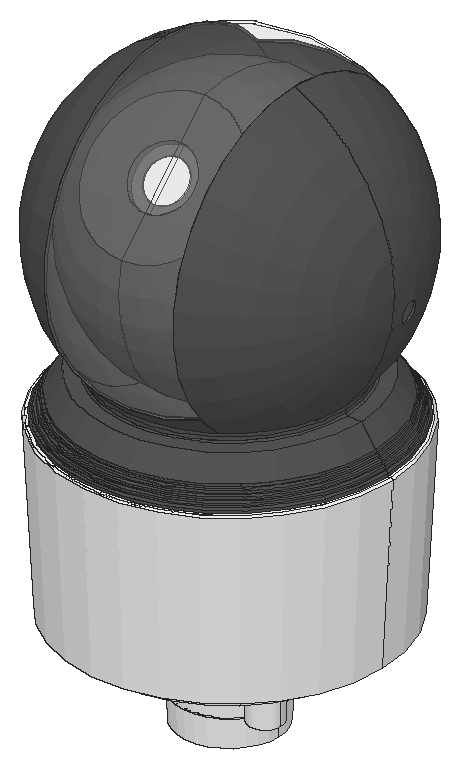
Revit family "Camera-Security-HanwhaTechwin-PTZ-Wisenet X-XNP-8250R_inch00", category Security Devices, host Face, Revit 2016
Family settings
  Host = Face
  Maintain Annotation Orientation = Yes
  Part Type = Normal
  Round Connector Dimension = Use Diameter
  OmniClass Number = 23.85.30.17.14
  OmniClass Title = Video Surveillance
  Cut with Voids When Loaded = No
  Shared = No
  Room Calculation Point = No
Parameters (values of type "Standard")
  zz Length 3 [instance] = if(1 = 1, View Distance + 1.531", View Distance + 1.531")  # 37.51525"
  zz Length 2 [instance] = tan(Field of View Horizontal Actual / 2) * View Distance  # 19.70897"
  zz Length 1 [instance] = tan(Field of View Vertical Actual / 2) * View Distance  # 10.84373"
  zz Angle 4 [instance] = if(1 = 1, Camera Shield Actual, Camera Shield Actual)  # 0.00°
  zz Angle 3 [instance] = Camera Tilt Actual  # 45.00°
  zz Angle 2 [instance] = 90.00° - Camera Shield Actual  # 90.00°
  zz Angle 1 [instance] = if(1 = 1, Camera Base Actual + 270.00°, Camera Base Actual + 270.00°)  # 270.00°
  Wide Dynamic Range [instance] = "Extreme WDR(120dB)"  # constant formula
  White Balance [instance] = "ATW / AWC / Manual / Indoor / Outdoor"  # constant formula
  Webpage Language [instance] = "English, Korean, Chinese, French, Italian, Spanish, German, Japanese, Russian, Swedish, Portuguese, Czech, Polish, Turkish, Dutch, Hungarian, Greek"  # constant formula
  Water Removal [instance] = "Support(Spinning dry)"  # constant formula
  WarrantyStartDate [instance] = "1900-12-31T23:59:59"
  WarrantyGuarantorParts [instance] = ""
  WarrantyGuarantorLabor [instance] = ""
  WarrantyDurationUnit [instance] = "year"
  WarrantyDurationParts [instance] = ""
  WarrantyDurationLabor [instance] = ""
  WarrantyDescription [instance] = ""
  Voltage [instance] = 12 V
  View Distance [instance] = 35.98425"
  Video Rotation [instance] = "Flip, Mirror"  # constant formula
  Video Compression [instance] = "H.265/H.264: Main/Baseline/High, MJPEG"  # constant formula
  Version [instance] = "1"
  Unit Conversion [instance] = 39.37008"
  Uniclass2 [instance] = "Pr_60_75_75_86_86"
  URL = "https://www.hanwha-security.com"
  Tilt Speed [instance] = "Max. 500˚/sec, Manual: 0.024˚/sec~250˚/sec"  # constant formula
  Tilt Range [instance] = "110˚(-20˚~90˚)"  # constant formula
  TagNumber [instance] = ""
  SustainabilityPerformance [instance] = ""
  Streaming [instance] = "Unicast(20 users) / Multicast (128 user) Multiple streaming(Up to 10 profiles)"  # constant formula
  Storage Temperature . Humidity [instance] = "-50°C~+60°C (-58°F~+140°F) / Less than 95% RH(Non-condensing)"  # constant formula
  Smart Codec [instance] = "Manual(5ea area), WiseStreamⅡ"  # constant formula
  Size [instance] = "Ø6.22\" x 11.55\"(Ø158 x 293.3mm)"
  Shape [instance] = "PTZ"
  SerialNumber [instance] = ""
  Sequence [instance] = "Preset(300ea), Swing, Group(6ea), Trace, Tour, Auto Run, Schedule"  # constant formula
  Security [instance] = "HTTPS(SSL) Login Authentication Digest Login Authentication\r\nIP Address Filtering User access log\r\n802.1X Authentication(EAP-TLS, EAP-LEAP) Device certificate(Hanwha Techwin Root CA)"  # constant formula
  Revision [instance] = ""
  Resolution [instance] = "3328x1872, 3072x1728, 2592x1944, 2688x1520, 1920x1080, 1600x1200, 1280x1024,\r\n1280x960, 1280x720,\r\n1024x768, 800x600, 800x448, 720x576, 720x480, 640x480, 640x360, 320x240"  # constant formula
  ReplacementCost [instance] = ""
  Recognize .125PPM 38PPF. [instance] = "Wide: 24.3m(79.7ft)/ Tele: 562.8m(1846.4ft)"  # constant formula
  RAL Code [instance] = "White: RAL9003 / Black: RAL9005"  # constant formula
  Protocol [instance] = "IPv4, IPv6, TCP/IP, UDP/IP, RTP(UDP), RTP(TCP), RTCP,RTSP, NTP, HTTP, HTTPS, SSL/TLS, DHCP, FTP, SMTP, ICMP, IGMP, SNMPv1/v2c/v3(MIB-2), ARP, DNS, DDNS, QoS, PIM-SM, UPnP, Bonjour,LLDP, SRTP"  # constant formula
  ProductInformation [instance] = ""
  Product Page URL = "https://www.hanwha-security.com/en/products/camera/network/ptz/XNP-8250R/overview/"
  Product Material = Aluminum - HanwhaTechwin - White
  Product Documentation Link = "https://www.hanwha-security.com/en/products/camera/network/ptz/XNP-8250R/download/"
  Privacy Masking [instance] = "32ea, polygonal Support\r\n- Color: Grey/Green/Red/Blue/Black/White\r\n- Mosaic"  # constant formula
  Preset Accuracy [instance] = "Up to '±0.1˚, Pan/Tilt correction"  # constant formula
  Power Consumption [instance] = "Typical 20W, Max 40W"  # constant formula
  Pan Speed [instance] = "Max. 700˚/sec, Manual: 0.024˚/sec~250˚/sec"  # constant formula
  Pan Range [instance] = "360˚ Endless"  # constant formula
  Operating Temperature . Humidity [instance] = "-40°C~+60°C(-40°F ~ +140°F) / Less than 95% RH(Non-condensing) Maximum Temperature based on NEMA-TS 2(2.2.7) : +74°C(+165°F)"  # constant formula
  Observe .63PPM 19PPF. [instance] = "Wide: 48.6m(159.5ft)/ Tele: 1125.6m(3692.8ft)"  # constant formula
  NominalWidth [instance] = "Ø6.22\"(Ø158)"
  NominalLength [instance] = "Ø6.22\"(Ø158)"
  NominalHeight [instance] = "11.55\"(293.3mm)"
  Name [instance] = "XNP-8250R"
  NBSTypeID [instance] = ""
  NBSReference [instance] = ""
  NBSOfficeMasterTag [instance] = ""
  NBSNote [instance] = ""
  NBSDescription [instance] = ""
  NBSCertification [instance] = ""
  Motion Detection [instance] = "8ea, 8point polygonal zones"  # constant formula
  ModelReference [instance] = "Hanwhatechwin"
  ModelNumber [instance] = "XNP-8250R"
  Model = "XNP-8250R"  # constant formula
  Min. object Distance [instance] = "3m(9.84ft)"  # constant formula
  Min. Illumination [instance] = "Color: 0.1Lux(F1.6, 1/30sec) BW: 0Lux(IR LED On)"  # constant formula
  Memory [instance] = "4GB RAM, 512MB Flash"  # constant formula
  Max. Framerate [instance] = "H.265/H.264: Max. 30fps/25fps(60Hz/50Hz) MJPEG: Max. 30fps/25fps(60Hz/50Hz)"  # constant formula
  Max. Aperture Ratio [instance] = "F1.6(Wide)~F3.73(Tele)"  # constant formula
  Max Resolution [instance] = 3328
  Material [instance] = "Aluminum + Polycabonate"
  ManufacturerURL [instance] = "https://www.hanwha-security.com"
  ManufacturerName [instance] = "Hanwhatechwin"
  Manufacturer = "Hanwha Techwin"  # constant formula
  Lens Type [instance] = "DC auto iris"  # constant formula
  InstallationDate [instance] = "1900-12-31T23:59:59"
  Input Voltage [instance] = "HPoE(IEEE802.3bt, Class6, Type3, Injector included)"  # constant formula
  Imaging Device [instance] = "1/2.8 CMOS"  # constant formula
  Identify .250PPM 76PPF. [instance] = "Wide: 12.2m(39.9ft) / Tele: 281.4m(923.2ft)"  # constant formula
  IR Viewable Length [instance] = "200m(656.17ft), Wise IR"  # constant formula
  Grade [instance] = ""
  Gain Control [instance] = "Low / Middle / High"  # constant formula
  Focus Control [instance] = "Oneshot AF, Focus save"  # constant formula
  Focal Length Actual [instance] = if(Focal Length > 4.92126", 4.92126", if(Focal Length < 0.19685", 0.19685", Focal Length))  # 0.19685"
  Focal Length .Zoom Ratio. [instance] = "5~125mm(25x) zoom (digital 32x, total 800x zoom)"  # constant formula
  Focal Length [instance] = 0.19685"
  FoV Hide Check [instance] = FoV Hide Check
  FoV Cross Check [instance] = FoV Cross Check
  Finish [instance] = ""
  Field of View_Recognize [instance] = Field of View_Recognize
  Field of View_Observe [instance] = Field of View_Observe
  Field of View_Identify [instance] = Field of View_Identify
  Field of View_Detect [instance] = Field of View_Detect
  Field of View is Visible_DORI [instance] = no
  Field of View is Visible [instance] = no
  Field of View Vertical Actual [instance] = 33.54° + (1.55° - 33.54°) / (4.92126" - 0.19685") * (Focal Length Actual - 0.19685")  # 33.54°
  Field of View Horizontal Actual [instance] = 57.42° + (2.71° - 57.42°) / (4.92126" - 0.19685") * (Focal Length Actual - 0.19685")  # 57.42°
  Field of View [instance] = Field of View
  Features [instance] = "• Max. 6MP resolution\r\n• 5~125mm (25x) optical zoom (digital 32x, total 800x zoom)\r\n• Max. IR viewable length 200m (Wise IR)\r\n• Day & Night (ICR), extreme WDR (120dB), DIS (Built-in gyro sensor)\r\n• Intelligent Analytics, Object auto tracking (Person/Vehicle), Target lock tracking\r\n• H.264, H.265, MJPEG codec, WiseStreamII\r\n• IP66, IK10, NEMA4X, NEMA-TS 2 (2.2.8, 2.2.9)\r\n• PTZ PLUS Design applied (Compact, Lighter, Simple cabling)"
  ExpectedLife [instance] = ""
  Ethernet [instance] = "Metal shielded RJ-45(10/100BASE-T)"  # constant formula
  Electronic Shutter Speed [instance] = "Minimum / Maximum / Anti flicker (2~1/12,000sec)"  # constant formula
  Edge Storage [instance] = "Micro SD/SDHC/SDXC 2slot 1TB"  # constant formula
  DurationUnit [instance] = "year"
  Distance Recognize [instance] = 1 / 2 * (Max Resolution / 125) / tan(Field of View Horizontal Actual / 2) * Unit Conversion  # 956.88165"
  Distance Observe [instance] = 1 / 2 * (Max Resolution / 62.5) / tan(Field of View Horizontal Actual / 2) * Unit Conversion  # 1913.7633"
  Distance Identify [instance] = 1 / 2 * (Max Resolution / 250) / tan(Field of View Horizontal Actual / 2) * Unit Conversion  # 478.44083"
  Distance Detect [instance] = 1 / 2 * (Max Resolution / 25) / tan(Field of View Horizontal Actual / 2) * Unit Conversion  # 4784.40825"
  Direction Indicator [instance] = "Support"  # constant formula
  Digital Noise Reduction [instance] = "SSNRⅤ"  # constant formula
  Digital Image Stabilization  [instance] = "Support(built-in gyro sensor)"  # constant formula
  Detect .25PPM 8PPF. [instance] = "Wide: 121.5m(398.7ft) / Tele: 2813.9m(9232.1ft)"  # constant formula
  Description = "NBS standard template for generic face-based components"  # constant formula
  Defog [instance] = "Support"  # constant formula
  Default Elevation = 48"
  Day and Night [instance] = "Auto(ICR)/Color/BW/Schedule"  # constant formula
  Constituents [instance] = ""
  Color [instance] = "White / Black"
  CodePerformance [instance] = ""
  Certification [instance] = "IP66, IK10, NEMA4X, NEMA-TS 2(2.2.8, 2.2.9)"  # constant formula
  Category [instance] = "6MP Network 25x IR PTZ Camera"
  Camera Title [instance] = "Displayed up to 85 characters"  # constant formula
  Camera Tilt Desired [instance] = 45.00°
  Camera Tilt Actual [instance] = if(Camera Tilt Desired > 90.00°, 90.00°, if(Camera Tilt Desired < -20.00°, -20.00°, Camera Tilt Desired))  # 45.00°
  Camera Shield Desired [instance] = 0.00°  # constant formula
  Camera Shield Actual [instance] = if(Camera Shield Desired > 355.00°, 355.00°, if(Camera Shield Desired < 0.00°, 0.00°, Camera Shield Desired))  # 0.00°
  Camera Base Desired [instance] = 0.00°
  Camera Base Actual [instance] = if(Camera Base Desired > 360.00°, 360.00°, if(Camera Base Desired < 0.00°, 0.00°, Camera Base Desired))  # 0.00°
  Bitrate Control [instance] = "H.264/H.265: CBR or VBR MJPEG: VBR"  # constant formula
  Base Vertical Length [instance] = 0.19685"
  Base Horizontal Length [instance] = 0.19685"
  BarCode [instance] = ""
  Backlight Compensation [instance] = "BLC, HLC, WDR, SSDR"  # constant formula
  Auto Tracking [instance] = "Object auto tracking(Person/Vehicle), Target lock tracking"  # constant formula
  Author [instance] = ""
  AssetType [instance] = "Fixed"
  AssetIdentifier [instance] = ""
  Application Programming Interface [instance] = "ONVIF Profile S/G/T SUNAPI(HTTP API)\r\nWisenet open platform"  # constant formula
  Angular Field of View [instance] = "H: 57.42˚(Wide)~2.71˚(Tele) / V: 33.54˚(Wide)~1.55˚(Tele)"  # constant formula
  Analytics [instance] = "Directional detection, Fog detection, Face detection, Motion detection, Appear/Disappear, Enter/Exit, Loitering, Tampering, Virtual line, Shock detection\r\n* Audio detection, Sound classification(with NW I/O Box)"  # constant formula
  Alarm Triggers [instance] = "Analytics, Network disconnect\r\n* Alarm input(with NW I/O Box)"  # constant formula
  Alarm Events [instance] = "File upload via FTP and e-mail Notification via e-mail\r\nSD/SDHC/SDXC or NAS recording at event triggers PTZ Preset\r\nHandover\r\n* Alarm output(with NW I/O Box)"  # constant formula
  AccessibilityPerformance [instance] = ""
Reference planes (in)
  plane 1 "Center (Front/Back)": y = 0
  plane 2: z = 0
  plane 3 "Center (Left/Right)": x = 0
  plane 4: x = -3.11024
  plane 5: x = 3.11024
  plane 6: z = 9.79428
  plane 7: z = -1.75179
  plane 8: z = 3.56042
  plane 9: y = 3.11024
  plane 10: y = -3.11024
  plane 11 "A": z = 6.68404
  plane 12: y = 2.86077
  plane 13: y = -2.86077
  plane 14: x = -1.22047
  plane 15: x = 1.22047
  plane 16: z = -0.8522
  plane 17: y = 1.43701
  plane 18: y = -1.43701
  plane 19: x = 3.1785
  plane 20: x = 2.92264
  plane 21: x = -3.1785
  plane 22: x = -2.92264
Forms (in)
  Extrusion 1, solid, not visible, detail levels coarse
    sketch origin (0, 0, 0) x (1, 0, 0) y (0, 1, 0)
      loop
        line (-4.85705, 5.23045) -> (-4.85705, -5.72311) -> (4.2309, -5.72311) -> (4.2309, 5.23045) -> (-4.85705, 5.23045)
    from 0 to -1.00247
  Revolve 2, solid, material "Aluminum - HanwhaTechwin - White" <- "Product Material", detail levels fine
    sketch origin (0, 0, 0) x (1, 0, 0) y (0, 0, 1)
      loop
        arc (-2.89652, 0.28954) -> (-2.66334, 0.2333) -> (-2.42717, 0.19136) r 3.93701
        line (-2.42717, 0.19136) -> (-2.40594, -0.01327)
        arc (-2.40594, -0.01327) -> (-2.14971, -0.07722) -> (-1.88976, -0.12384) r 3.93701
        line (-1.88976, -0.12384) -> (-1.8877, -0.18291) -> (-1.04602, -0.18291)
        arc (-1.04602, -0.18291) -> (-1.01349, -0.19589) -> (-0.99883, -0.22769) r 0.04726
        line (-0.99883, -0.22769) -> (-0.97803, -1.01954)
        arc (-0.97803, -1.01954) -> (-0.95431, -1.02936) -> (-0.94449, -1.05308) r 0.03354
        line (-0.94449, -1.05308) -> (-0.92214, -1.5648) -> (-0.78173, -1.5648) -> (-0.62955, -1.5648)
        arc (-0.62955, -1.5648) -> (-0.55347, -1.63335) -> (-0.49617, -1.71824) r 0.42128
        line (-0.49617, -1.71824) -> (-0.20712, -1.71824)
        arc (-0.20712, -1.71824) -> (-0.19057, -1.74211) -> (-0.16319, -1.75179) r 0.04724
        line (-0.16319, -1.75179) -> (0, -1.75179) -> (0, 3.56053) -> (-3.03439, 3.56053) -> (-3.06989, 3.52857)
        arc (-3.06989, 3.52857) -> (-3.01657, 1.90727) -> (-2.89652, 0.28954) r 39.37008
      axis (0, 3.56053) -> (0, -1.75179)
    angle from 0 to 360
  Revolve 3, solid, material "Polycarbontate - HanwhaTechwin - Black", detail levels fine
    sketch origin (0, 0, 0) x (1, 0, 0) y (0, 0, 1)
      loop
        line (-2.98031, 3.56042) -> (0, 3.56042) -> (0, 3.5999) -> (-2.94033, 3.5999) -> (-2.71864, 3.91785) -> (-2.465, 4.2834) -> (-2.14585, 4.29813) -> (-2.14585, 4.35429) -> (-2.18522, 4.35429)
        arc (-2.18522, 4.35429) -> (-2.2025, 4.3398) -> (-2.22427, 4.33392) r 0.05229
        line (-2.22427, 4.33392) -> (-2.48625, 4.32184) -> (-2.75695, 3.9317) -> (-2.76017, 3.8949) -> (-2.79239, 3.88271) -> (-2.81099, 3.85419) -> (-2.81421, 3.81739) -> (-2.84643, 3.8052) -> (-2.86503, 3.77669) -> (-2.86825, 3.73988) -> (-2.90047, 3.72769) -> (-2.91908, 3.69918) -> (-2.9223, 3.66237) -> (-2.95451, 3.65019) -> (-2.98031, 3.61317) -> (-2.98031, 3.56042)
      axis (0, 4.35429) -> (0, 3.56042)
    angle from 0 to 360
  Revolve 4, solid, material "Polycarbontate - HanwhaTechwin - Black", detail levels fine
    sketch origin (0, 0, 0) x (1, 0, 0) y (0, 0, 1)
      loop
        line (-2.18504, 4.35429) -> (-2.14585, 4.35429) -> (-2.14585, 4.43139)
        arc (-2.14585, 4.43139) -> (-2.16914, 4.4531) -> (-2.19086, 4.47639) r 0.45481
        arc (-2.19086, 4.47639) -> (-2.18659, 4.44434) -> (-2.18504, 4.41203) r 0.38344
        line (-2.18504, 4.41203) -> (-2.18504, 4.35429)
      axis (0, 4.35429) -> (0, 4.47639)
    angle from 0 to 360
  Revolve 5, solid, material "Polycarbontate - HanwhaTechwin - Black"
    sketch origin (0, 0, 6.68404) x (0, 0, 1) y (1, 0, 0)
      loop
        line (2.86077, -1.22047) -> (2.81792, -1.22047)
        arc (2.81792, -1.22047) -> (1.68557, -2.56692) -> (0, -3.07087) r 3.07087
        line (0, -3.07087) -> (0, -3.11024)
        arc (0, -3.11024) -> (1.71429, -2.59514) -> (2.86077, -1.22047) r 3.11024
      loop
        arc (2.86077, 1.22047) -> (1.71429, 2.59514) -> (0, 3.11024) r 3.11024
        line (0, 3.11024) -> (0, 3.07087)
        arc (0, 3.07087) -> (1.68557, 2.56692) -> (2.81792, 1.22047) r 3.07087
        line (2.81792, 1.22047) -> (2.86077, 1.22047)
      axis (0, -3.11024) -> (0, 3.11024)
    angle from 0 to 360
  Revolve 6, solid, material "Glass - HanwhaTechwin - Clear"
    sketch origin (0, 0, 6.68404) x (0, 0, 1) y (1, 0, 0)
      loop
        line (2.86077, 1.22047) -> (2.81792, 1.22047)
        arc (2.81792, 1.22047) -> (3.07087, 0) -> (2.81792, -1.22047) r 3.07087
        line (2.81792, -1.22047) -> (2.86077, -1.22047)
        arc (2.86077, -1.22047) -> (3.11024, 0) -> (2.86077, 1.22047) r 3.11024
      axis (0, 1.22047) -> (0, -1.22047)
    angle from 130 to -50
  Revolve 7, solid, material "Polycarbontate - HanwhaTechwin - Black", detail levels fine
    sketch origin (0, 0, 6.68404) x (0, -0.707107, 0.707107) y (0, 0.707107, 0.707107)
      loop
        arc (2.22402, 1.38065) -> (-0.71784, 2.51737) -> (-2.61772, 0) r 2.61772
        line (-2.61772, 0) -> (2.06654, 0) -> (2.06654, 0.3937) -> (2.10591, 0.3937) -> (2.10591, 0.59055) -> (2.22402, 0.59055) -> (2.22402, 1.38065)
      axis (2.22402, 0) -> (-2.61772, 0)
    angle from 0 to 360
  Revolve 8, solid, material "Glass - HanwhaTechwin - Clear", detail levels fine
    sketch origin (0, 0, 6.68404) x (0, -0.707107, 0.707107) y (0, 0.707107, 0.707107)
      loop
        line (2.22402, 0.59055) -> (2.10591, 0.59055) -> (2.10591, 0) -> (2.22402, 0) -> (2.22402, 0.59055)
      axis (2.10591, 0) -> (2.22402, 0)
    angle from 0 to 360
  Revolve 9, solid, material "Plastic - HanwhaTechwin - Sun-Shield", detail levels fine
    sketch origin (0, 0, 6.68404) x (0, -0.707107, 0.707107) y (0, 0.707107, 0.707107)
      loop
        line (2.06654, 0) -> (2.10591, 0) -> (2.10591, 0.3937) -> (2.06654, 0.3937) -> (2.06654, 0)
      axis (2.06654, 0) -> (2.10591, 0)
    angle from 0 to 360
  Revolve 10, solid, material "Aluminum - HanwhaTechwin - White" <- "Product Material", detail levels coarse+medium
    sketch origin (0, 0, 0) x (1, 0, 0) y (0, 0, 1)
      loop
        line (-3.11024, 3.56042) -> (-2.89652, 0.28954) -> (-2.40594, -0.01327) -> (-1.8877, -0.18291) -> (-0.99883, -0.18291) -> (-0.97803, -1.01954) -> (-0.92214, -1.5648) -> (-0.62955, -1.5648) -> (-0.62955, -1.75179) -> (0, -1.75179) -> (0, 3.56042) -> (-3.11024, 3.56042)
      axis (0, 3.56042) -> (0, -1.75179)
    angle from 0 to 360
  Revolve 11, solid, material "Polycarbontate - HanwhaTechwin - Black", detail levels coarse+medium
    sketch origin (0, 0, 0) x (1, 0, 0) y (0, 0, 1)
      loop
        line (-2.98032, 3.56042) -> (0, 3.56042) -> (0, 4.47639) -> (-2.19086, 4.47639) -> (-2.48338, 4.32184) -> (-2.75695, 3.9317) -> (-2.98032, 3.61317) -> (-2.98032, 3.56042)
      axis (0, 4.47639) -> (0, 3.56042)
    angle from 0 to 360
  Extrusion 12, void, detail levels fine
    sketch origin (0, 0, 6.68404) x (0, 1, 0) y (0, 0, 1)
      loop
        circle (0.43021, -0.51271) r 0.19685
    from 2.92264 to 3.1785
  Extrusion 13, void, detail levels fine
    sketch origin (0, 0, 0) x (0, 1, 0) y (0, 0, 1)
      loop
        line (0.67717, 4.16213) -> (0.1378, 4.16213) -> (-0.1378, 4.16213) -> (-0.67717, 4.16213) -> (-0.67717, 3.83142) -> (-0.1389, 3.83142) -> (-0.1389, 3.72118)
        arc (-0.1389, 3.72118) -> (0, 3.58229) -> (0.1389, 3.72118) r 0.1389
        line (0.1389, 3.72118) -> (0.1389, 3.83142) -> (0.67717, 3.83142) -> (0.67717, 4.16213)
      loop
        line (0.6378, 4.12276) -> (0.1378, 4.12276) -> (-0.1378, 4.12276) -> (-0.6378, 4.12276) -> (-0.6378, 3.87079) -> (-0.09953, 3.87079) -> (-0.09953, 3.72118)
        arc (-0.09953, 3.72118) -> (0, 3.62166) -> (0.09953, 3.72118) r 0.09953
        line (0.09953, 3.72118) -> (0.09953, 3.87079) -> (0.6378, 3.87079) -> (0.6378, 4.12276)
    from -2.48504 to -3.11024
  Extrusion 14, solid, material "Metal - HanwhaTechwin - Ivory", detail levels medium+fine
    sketch origin (0, 0, 0) x (1, 0, 0) y (0, 1, 0)
      loop
        circle (-1.24449, -0.7185) r 0.29724
      loop
        circle (1.24449, -0.7185) r 0.29724
      loop
        circle (0, 1.43701) r 0.29724
    from -0.8522 to -0.18291
  Revolve 15, solid, material "Polycarbontate - HanwhaTechwin - Black"
    sketch origin (0, 0, 6.68404) x (0, 0, 1) y (1, 0, 0)
      loop
        line (2.86077, 1.22047) -> (2.81792, 1.22047)
        arc (2.81792, 1.22047) -> (3.07087, 0) -> (2.81792, -1.22047) r 3.07087
        line (2.81792, -1.22047) -> (2.86077, -1.22047)
        arc (2.86077, -1.22047) -> (3.11024, 0) -> (2.86077, 1.22047) r 3.11024
      axis (0, 1.22047) -> (0, -1.22047)
    angle from -230 to -50
  Extrusion 16, void, detail levels fine
    sketch origin (0, 0, 6.68404) x (0, 1, 0) y (0, 0, 1)
      loop
        circle (0.43021, -0.51271) r 0.19685
    from -3.1785 to -2.92264
  Revolve 17, solid, material "Polycarbontate - HanwhaTechwin - Black", detail levels coarse+medium
    sketch origin (0, 0, 6.68404) x (0, -0.707107, 0.707107) y (0, 0.707107, 0.707107)
      loop
        line (2.22402, 0) -> (2.22402, 1.38065)
        arc (2.22402, 1.38065) -> (-0.71784, 2.51737) -> (-2.61772, 0) r 2.61772
        line (-2.61772, 0) -> (2.22402, 0)
      axis (-2.61772, 0) -> (2.22402, 0)
    angle from 0 to 360
Cuts and joins
  Extrusion 12, Extrusion 16 cuts Revolve 5
  Extrusion 16 cuts Revolve 15
  joined: Revolve 5, Revolve 15
  Extrusion 13 cuts Revolve 3
  Extrusion 13 cuts Revolve 11
Lines and regions (in)
  reference lines
    curve 1: line (0, 0, 6.68404) -> (0, -1.25, 6.68404)
    curve 2: line (0, 0, 6.68404) -> (0, -1.80953, 8.49357)
    curve 3: line (0, -1.80953, 8.49357) -> (1.49404, -1.80953, 8.49357)
    curve 4: line (0, -1.80953, 8.49357) -> (0, -2.15149, 8.1516)
    curve 5: line (0, -1.80953, 8.49357) -> (-0.5, -1.80953, 8.49357)
Dimensions and locks (in)
  locked: curve 3 to curve 3
  locked: curve 1 to curve 2 at 0
  equal spacing: plane 4, plane 3 "Center (Left/Right)", plane 5
  plane 4 to plane 5 = 6.22047"
  equal spacing: plane 13, plane 1 "Center (Front/Back)", plane 12
  plane 13 to plane 12 = 5.72154"
  equal spacing: plane 9, plane 1 "Center (Front/Back)", plane 10
  plane 9 to plane 10 = 6.22047"
  plane 6 to plane 7 = 11.54606"
  plane 6 to plane 8 to plane 7 = 6.23386", 5.3122"
  equal spacing: plane 17, plane 1 "Center (Front/Back)", plane 18
  plane 17 to plane 18 = 2.87402"
  plane 6 to level to plane 7 = 9.79428", 1.75179"
  locked: Revolve 3 sketch curve to Revolve 3 sketch curve at 2.98031
  equal spacing: Revolve 3 sketch curve, Revolve 3 sketch curve, Revolve 3 sketch curve
  locked: Revolve 3 sketch curve to Revolve 3 sketch curve at 0.79387
  locked: Revolve 11 sketch curve to Revolve 11 sketch curve at 2.98032
  equal spacing: Revolve 11 sketch curve, Revolve 11 sketch curve, Revolve 11 sketch curve
  locked: Revolve 11 sketch curve to Revolve 11 sketch curve at 0.91597
  locked: Revolve 4 sketch curve to Revolve 4 sketch curve at 0.1221
  locked: Revolve 4 sketch curve to Revolve 4 sketch curve at 0.03919
  locked: Revolve 2 sketch curve to Revolve 2 sketch curve at 5.31232
  locked: Revolve 2 sketch curve to Revolve 2 sketch curve at 3.06989
  equal spacing: Revolve 2 sketch curve, Revolve 2 sketch curve, Revolve 2 sketch curve, Revolve 2 sketch curve  (x2)
  locked: Revolve 10 sketch curve to Revolve 10 sketch curve at 3.11024
  Revolve 10 sketch curve to Revolve 10 sketch curve to Revolve 10 sketch curve to Revolve 10 sketch curve = 3.74332" locked, 1.38189" locked, 0.18699" locked
  Revolve 10 sketch curve to Revolve 10 sketch curve = 5.3122"
  equal spacing: Revolve 10 sketch curve, Revolve 10 sketch curve, Revolve 10 sketch curve, Revolve 10 sketch curve
  locked: Revolve 6 sketch curve to Revolve 6 sketch curve at 2.44094
  locked: Revolve 6 sketch curve to Revolve 6 sketch curve at 0.04285
  locked: Revolve 8 sketch curve to Revolve 8 sketch curve at 0.11811
  locked: Revolve 8 sketch curve to Revolve 8 sketch curve at 0.59055
  locked: Revolve 9 sketch curve to Revolve 9 sketch curve at 0.3937
  locked: Revolve 9 sketch curve to Revolve 9 sketch curve at 0.03937
  Revolve 7 sketch curve to Revolve 7 sketch curve to Revolve 7 sketch curve = 0.19685" locked, 0.3937" locked
  radius of Revolve 6 sketch curve = 3.11024"
  radius of Revolve 5 sketch curve = 3.11024"
  radius of Revolve 5 sketch curve = 3.07087"
  radius of Revolve 7 sketch curve = 2.61772"
  diameter of Extrusion 14 sketch curve = 0.59449"  (x3)
  "zz Angle 1": angle curve 1 to plane 1 "Center (Front/Back)"
  "zz Angle 3": angle curve 1 to curve 2
  aligned and locked: plane 2 to Extrusion 1
  aligned and locked: level to Extrusion 1
  aligned and locked: plane 1 "Center (Front/Back)" to curve 1
  aligned and locked: plane 3 "Center (Left/Right)" to curve 1
Automatic sketch dimensions
  Extrusion 1 sketch curve to Extrusion 1 sketch curve = 9.08796"
  Extrusion 1 sketch curve to Extrusion 1 sketch curve = 10.95356"
  curve 5 to curve 4 = 0"  (x2)
  curve 5 to curve 4 = 0.5"
  Revolve 2 sketch curve to plane 7 = 0"
  Revolve 2 sketch curve to plane 3 "Center (Left/Right)" = 0"  (x2)
  Revolve 2 sketch curve to Revolve 2 sketch curve = 0.0355"
  level to Revolve 2 sketch curve = 0.19136"
  plane 4 to Revolve 2 sketch curve = 0.68307"
  Revolve 2 sketch curve to level = 0.01327"
  Revolve 2 sketch curve to Revolve 2 sketch curve = 0.02123"
  Revolve 2 sketch curve to level = 0.12384"
  Revolve 2 sketch curve to Revolve 2 sketch curve = 0.51618"
  Revolve 2 sketch curve to Revolve 2 sketch curve = 0.00206"
  plane 14 to Revolve 2 sketch curve = 0.63675"
  plane 14 to Revolve 2 sketch curve = 0.10455"
  Revolve 2 sketch curve to plane 14 = 0.17445"
  Revolve 2 sketch curve to Revolve 2 sketch curve = 0.0472"
  Revolve 2 sketch curve to plane 14 = 0.24245"
  Revolve 2 sketch curve to Revolve 2 sketch curve = 0.03354"
  plane 7 to Revolve 2 sketch curve = 0.18699"
  Revolve 2 sketch curve to plane 14 = 0.29834"
  Revolve 2 sketch curve to plane 7 = 0.15795"
  Revolve 2 sketch curve to Revolve 2 sketch curve = 0.05073"
  Revolve 2 sketch curve to Revolve 2 sketch curve = 0.14041"
  Revolve 2 sketch curve to Revolve 2 sketch curve = 0.15218"
  plane 7 to Revolve 2 sketch curve = 0.03355"
  Revolve 2 sketch curve to plane 3 "Center (Left/Right)" = 0.20712"
  Revolve 2 sketch curve to Revolve 2 sketch curve = 0.04394"
  plane 7 to Revolve 2 sketch curve = 0.04723"
  plane 8 to Revolve 2 sketch curve = 0.45114"
  Revolve 2 sketch curve to plane 5 = 33.18699"
  Revolve 2 sketch curve to plane 16 = 0.20088"
  Revolve 2 sketch curve to level = 0.23017"
  Revolve 2 sketch curve to Revolve 2 sketch curve = 0.00247"
  Revolve 2 sketch curve to plane 8 = 0.03185"
  plane 8 to Revolve 2 sketch curve = 0.52648"
  Revolve 2 sketch curve to Revolve 2 sketch curve = 4.84541"
  plane 6 to Revolve 2 sketch curve = 8.84428"
  Revolve 3 sketch curve to plane 8 = 0"
  Revolve 3 sketch curve to plane 3 "Center (Left/Right)" = 0"  (x2)
  Revolve 3 sketch curve to Revolve 3 sketch curve = 0.02581"
  plane 8 to Revolve 3 sketch curve = 0.03948"
  Revolve 3 sketch curve to Revolve 3 sketch curve = 0.03999"
  Revolve 3 sketch curve to Revolve 3 sketch curve = 0.03221"  (x4)
  Revolve 3 sketch curve to Revolve 3 sketch curve = 0.00322"  (x4)
  Revolve 3 sketch curve to Revolve 3 sketch curve = 0.01861"  (x3)
  Revolve 3 sketch curve to Revolve 3 sketch curve = 0.03831"
  Revolve 3 sketch curve to Revolve 3 sketch curve = 0.2324"
  Revolve 3 sketch curve to Revolve 3 sketch curve = 0.02125"
  Revolve 3 sketch curve to Revolve 3 sketch curve = 0.23831"
  Revolve 3 sketch curve to Revolve 3 sketch curve = 0.00241"
  Revolve 3 sketch curve to Revolve 3 sketch curve = 0.03905"
  Revolve 3 sketch curve to Revolve 3 sketch curve = 0.03937"
  Revolve 3 sketch curve to Revolve 3 sketch curve = 0.01327"
  Revolve 3 sketch curve to Revolve 3 sketch curve = 0.03701"
  Revolve 3 sketch curve to Revolve 3 sketch curve = 0.01219"  (x4)
  Revolve 3 sketch curve to Revolve 3 sketch curve = 0.0368"  (x4)
  Revolve 3 sketch curve to Revolve 3 sketch curve = 0.02852"  (x3)
  Revolve 3 sketch curve to Revolve 3 sketch curve = 0.02295"
  Revolve 3 sketch curve to Revolve 3 sketch curve = 0.07089"
  Revolve 3 sketch curve to Revolve 3 sketch curve = 0.05616"
  Revolve 3 sketch curve to Revolve 3 sketch curve = 0.03843"
  Revolve 3 sketch curve to Revolve 3 sketch curve = 0.02037"
  Revolve 3 sketch curve to plane 7 = 22.24821"
  plane 6 to Revolve 3 sketch curve = 92.92455"
  Revolve 4 sketch curve to plane 3 "Center (Left/Right)" = 0"
  plane 14 to Revolve 4 sketch curve = 0.62707"
  Revolve 4 sketch curve to Revolve 4 sketch curve = 0.29831"
  Revolve 4 sketch curve to Revolve 4 sketch curve = 0.38343"
  plane 8 to Revolve 4 sketch curve = 0.79387"
  Revolve 4 sketch curve to Revolve 4 sketch curve = 0.06658"
  Revolve 4 sketch curve to Revolve 4 sketch curve = 0.05774"
  Revolve 4 sketch curve to Revolve 4 sketch curve = 0.01935"
  level to Revolve 4 sketch curve = 0.81098"
  Revolve 4 sketch curve to plane 6 = 1.23205"
  Revolve 6 sketch curve to Revolve 6 sketch curve = 0"  (x3)
  Revolve 6 sketch curve to plane 11 "A" = 0"  (x2)
  Revolve 10 sketch curve to plane 4 = 0"
  Revolve 10 sketch curve to plane 7 = 0"
  Revolve 10 sketch curve to plane 3 "Center (Left/Right)" = 0"
  plane 4 to Revolve 10 sketch curve = 0.21372"
  Revolve 10 sketch curve to level = 0.01327"
  Revolve 10 sketch curve to Revolve 10 sketch curve = 0.49058"
  Revolve 10 sketch curve to Revolve 10 sketch curve = 0.51824"
  Revolve 10 sketch curve to plane 14 = 0.22165"
  Revolve 10 sketch curve to plane 14 = 0.24245"
  Revolve 10 sketch curve to plane 14 = 0.29834"
  Revolve 10 sketch curve to Revolve 10 sketch curve = 0.29258"
  Revolve 10 sketch curve to plane 16 = 0.16734"
  level to Revolve 10 sketch curve = 0.28954"
  Revolve 10 sketch curve to plane 7 = 22.24821"
  plane 6 to Revolve 10 sketch curve = 92.92455"
  Revolve 11 sketch curve to plane 8 = 0"
  Revolve 11 sketch curve to plane 3 "Center (Left/Right)" = 0"  (x2)
  plane 4 to Revolve 11 sketch curve = 0.35328"
  Revolve 11 sketch curve to Revolve 11 sketch curve = 0.27357"
  Revolve 11 sketch curve to Revolve 11 sketch curve = 0.29252"
  Revolve 11 sketch curve to Revolve 11 sketch curve = 0.05276"
  plane 8 to Revolve 11 sketch curve = 0.37128"
  Revolve 11 sketch curve to Revolve 11 sketch curve = 0.15456"
  Revolve 11 sketch curve to plane 7 = 22.24821"
  plane 6 to Revolve 11 sketch curve = 92.92455"
  curve 1 to Extrusion 12 sketch curve = 0.43021"
  Extrusion 12 sketch curve to curve 1 = 0.51271"
  Extrusion 13 sketch curve to Extrusion 13 sketch curve = 0"  (x4)
  Extrusion 13 sketch curve to plane 1 "Center (Front/Back)" = 0"
  plane 1 "Center (Front/Back)" to Extrusion 13 sketch curve = 0.09953"
  plane 1 "Center (Front/Back)" to Extrusion 13 sketch curve = 0.1378"
  Extrusion 13 sketch curve to Extrusion 13 sketch curve = 0.03937"  (x6)
  Extrusion 13 sketch curve to Extrusion 13 sketch curve = 0.4989"  (x2)
  Extrusion 13 sketch curve to plane 1 "Center (Front/Back)" = 0.1378"
  plane 8 to Extrusion 13 sketch curve = 0.16076"
  Extrusion 13 sketch curve to Extrusion 13 sketch curve = 0.11024"
  plane 8 to Extrusion 13 sketch curve = 0.271"
  Extrusion 13 sketch curve to Extrusion 13 sketch curve = 0.25197"
  Extrusion 14 sketch curve to plane 3 "Center (Left/Right)" = 0"
  Extrusion 14 sketch curve to plane 17 = 0"
  plane 14 to Extrusion 14 sketch curve = 0.02401"
  Extrusion 14 sketch curve to plane 15 = 0.02401"
  Extrusion 14 sketch curve to plane 18 = 0.7185"  (x2)
  Revolve 15 sketch curve to Revolve 15 sketch curve = 0"  (x5)
  Revolve 15 sketch curve to plane 11 "A" = 0"  (x2)
  Revolve 15 sketch curve to plane 6 = 0.29232"  (x2)
  Revolve 15 sketch curve to Revolve 15 sketch curve = 0.04285"
  Extrusion 16 sketch curve to curve 1 = 0.43021"
  Extrusion 16 sketch curve to curve 1 = 0.51271"
  Revolve 6 sketch curve to plane 6 = 0.29232"
  Revolve 6 sketch curve to Revolve 6 sketch curve = 3.97043"
  Revolve 6 sketch curve to Revolve 6 sketch curve = 4.80909"
  Revolve 15 sketch curve to Revolve 15 sketch curve = 1.22047"
  Revolve 15 sketch curve to Revolve 15 sketch curve = 137.46908"
  Revolve 15 sketch curve to Revolve 15 sketch curve = 136.19254"
  Revolve 7 sketch curve to curve 2 = 0"  (x3)
  Revolve 7 sketch curve to Revolve 7 sketch curve = 0.03937"
  Revolve 7 sketch curve to Revolve 7 sketch curve = 0"  (x2)
  Revolve 7 sketch curve to curve 2 = 0.49252"
  Revolve 7 sketch curve to Revolve 7 sketch curve = 0.11811"
  Revolve 8 sketch curve to curve 2 = 0"  (x2)
  Revolve 8 sketch curve to curve 2 = 0.45315"
  Revolve 8 sketch curve to Revolve 8 sketch curve = 0"  (x2)
  Revolve 9 sketch curve to curve 2 = 0"  (x2)
  Revolve 9 sketch curve to curve 2 = 0.49252"
  Revolve 9 sketch curve to Revolve 9 sketch curve = 0"  (x2)
  Revolve 17 sketch curve to curve 2 = 0"  (x3)
  Revolve 17 sketch curve to Revolve 17 sketch curve = 2.61772"
  Revolve 17 sketch curve to curve 2 = 0.33504"
  Revolve 17 sketch curve to Revolve 17 sketch curve = 0"  (x2)
  Revolve 5 sketch curve to Revolve 5 sketch curve = 0"  (x10)
  Revolve 5 sketch curve to plane 11 "A" = 0"  (x2)
  Revolve 5 sketch curve to Revolve 5 sketch curve = 0.04285"
  Revolve 5 sketch curve to plane 6 = 0.29232"  (x2)
  Revolve 5 sketch curve to Revolve 5 sketch curve = 2.44094"
  Revolve 5 sketch curve to Revolve 5 sketch curve = 2.24409"
  Revolve 5 sketch curve to Revolve 5 sketch curve = 2.95276"
  curve 3 to curve 4 = 0.48361"
  curve 3 to curve 3 = 1.49404"
  radius of Extrusion 12 sketch curve = 0.19685"
  radius of Extrusion 16 sketch curve = 0.19685"
Nested families (in)
  nested 1: "Fov&DORI" at (0, -1.57262, 8.25666) x (1, 0, 0) z (0, -0.7071, 0.7071), Field of View is Visible <- "Field of View is Visible", Field of View is Visible_DORI <- "Field of View is Visible_DORI", Field of View <- "Field of View", Field of View_Detect <- "Field of View_Detect", Field of View_Identify <- "Field of View_Identify", Field of View_Observe <- "Field of View_Observe", Field of View_Recognize <- "Field of View_Recognize", FoV Cross Check <- "FoV Cross Check", FoV Hide Check <- "FoV Hide Check", Base Horizontal Length <- "Base Horizontal Length", Base Vertical Length <- "Base Vertical Length", Distance Detect <- "Distance Detect", Distance Identify <- "Distance Identify", Distance Observe <- "Distance Observe", Distance Recognize <- "Distance Recognize", Field of View Horizontal <- "Field of View Horizontal Actual", Field of View Vertical <- "Field of View Vertical Actual", Max Resolution <- "Max Resolution", Unit Conversion <- "Unit Conversion", View Distance <- "View Distance", type "Fov&DORI"
    with zz Vertical Length_Recognize 576.70599", zz Vertical Length_Observe 1153.41199", zz Vertical Length_Identify 288.353", zz Vertical Length_Detect 2883.52997", zz Vertical Length 21.68746", zz Horizontal Length_Recognize 1048.18898", zz Horizontal Length_Observe 2096.37795", zz Horizontal Length_Identify 524.09449", zz Horizontal Length_Detect 5240.94488", zz Horizontal Length 39.41793", View Distance 35.98425", Unit Conversion 39.37008", Max Resolution 3328, FoV Hide Check FoV Hide Check, FoV Cross Check FoV Cross Check, Field of View_Recognize Field of View_Recognize, Field of View_Observe Field of View_Observe, Field of View_Identify Field of View_Identify, Field of View_Detect Field of View_Detect, Field of View is Visible_DORI no, Field of View is Visible no, Field of View Vertical 33.54°, Field of View Horizontal 57.42°, Field of View Diagonal 0.00°, Field of View Field of View, Distance Recognize 956.88165", Distance Observe 1913.7633", Distance Identify 478.44083", Distance Detect 4784.40825", Base Vertical Length 0.19685", Base Horizontal Length 0.19685"
  nested 2: "Security Camera Symbol" at (0, 0, 0), type "Security Camera Symbol"
Connectors (in)
  electrical at (0, 0, -1.75179), driven by "Voltage"
    settings: on Revolve 2, index 1, voltage 12 V, apparent load 0 VA, apparent load phase1 0 VA, apparent load phase2 0 VA, apparent load phase3 0 VA, power factor 1, load classification "Other", number of poles 1, system type 31, power factor state 1, is connector primary yes, connector utility no, sub classification motor no, connector description "Power Connector"
  electrical at (0, 0, -1.75179)
    settings: on Revolve 2, index 2, voltage 0 V, apparent load 0 VA, apparent load phase1 0 VA, apparent load phase2 0 VA, apparent load phase3 0 VA, power factor 1, load classification "Other", number of poles 1, system type 14, power factor state 1, is connector primary no, connector utility no, sub classification motor no, connector description "Ethernet Connector"
Definition of nested family "Fov&DORI"
  Parameters (values of type "Fov&DORI")
    zz Vertical Length_Recognize [instance] = tan(Field of View Vertical / 2) * Distance Recognize * 2  # 255.17713"
    zz Vertical Length_Observe [instance] = tan(Field of View Vertical / 2) * Distance Observe * 2  # 506.30383"
    zz Vertical Length_Identify [instance] = tan(Field of View Vertical / 2) * Distance Identify * 2  # 127.58857"
    zz Vertical Length_Detect [instance] = tan(Field of View Vertical / 2) * Distance Detect * 2  # 1275.88566"
    zz Vertical Length [instance] = tan(Field of View Vertical / 2) * View Distance * 2  # 33.02575"
    zz Horizontal Length_Recognize [instance] = tan(Field of View Horizontal / 2) * Distance Recognize * 2  # 604.72441"
    zz Horizontal Length_Observe [instance] = tan(Field of View Horizontal / 2) * Distance Observe * 2  # 1199.85002"
    zz Horizontal Length_Identify [instance] = tan(Field of View Horizontal / 2) * Distance Identify * 2  # 302.3622"
    zz Horizontal Length_Detect [instance] = tan(Field of View Horizontal / 2) * Distance Detect * 2  # 3023.62205"
    zz Horizontal Length [instance] = tan(Field of View Horizontal / 2) * View Distance * 2  # 78.26516"
    View Distance [instance] = 35.98425"
    Unit Conversion [instance] = 39.37008"
    Max Resolution [instance] = 1920
    FoV Hide Check [instance] = none
    FoV Cross Check [instance] = none
    Field of View_Recognize [instance] = none
    Field of View_Observe [instance] = none
    Field of View_Identify [instance] = none
    Field of View_Detect [instance] = none
    Field of View is Visible_DORI [instance] = no
    Field of View is Visible [instance] = yes
    Field of View Vertical [instance] = 49.30°
    Field of View Horizontal [instance] = 94.80°
    Field of View Diagonal [instance] = 114.30°
    Field of View [instance] = none
    Distance Recognize [instance] = 278.0363"
    Distance Observe [instance] = 551.65933"
    Distance Identify [instance] = 139.01815"
    Distance Detect [instance] = 1390.1815"
    Default Elevation = 48"
    Base Vertical Length [instance] = 0.19685"
    Base Horizontal Length [instance] = 0.19685"
  Reference planes (in)
    plane 1 "Center (Front/Back)": y = 0
    plane 2: z = 0
    plane 3 "Center (Left/Right)": x = 0
    plane 4: z = 139.01815
    plane 5: z = 278.0363
    plane 6: z = 551.65933
    plane 7: z = 1390.1815
    plane 8: x = 151.1811
    plane 9: x = -151.1811
    plane 10: x = 302.3622
    plane 11: x = -302.3622
    plane 12: x = 599.92501
    plane 13: x = 1511.81102
    plane 14: x = -599.92501
    plane 15: x = -1511.81102
  Forms (in)
    Extrusion 1, solid
      sketch origin (0, 0, 0) x (1, 0, 0) y (0, 1, 0)
        loop
          line (-48, 48) -> (-48, -48) -> (48, -48) -> (48, 48) -> (-48, 48)
      from 0 to -12
    Blend 2, solid, material <- "Field of View_Identify", visible <- "Field of View is Visible_DORI"
      base sketch origin (0, 0, 0) x (1, 0, 0) y (0, 1, 0)
        loop
          line (-0.09843, 0.09843) -> (-0.09843, -0.09843) -> (0.09843, -0.09843) -> (0.09843, 0.09843) -> (-0.09843, 0.09843)
      top sketch origin (0, 0, 0) x (1, 0, 0) y (0, 1, 0)
        loop
          line (-151.1811, 63.79428) -> (-151.1811, -63.79428) -> (151.1811, -63.79428) -> (151.1811, 63.79428) -> (-151.1811, 63.79428)
      from 0 to 139.01815
    Blend 3, solid, material <- "Field of View_Recognize", visible <- "Field of View is Visible_DORI"
      base sketch origin (0, 0, 0) x (1, 0, 0) y (0, 1, 0)
        loop
          line (-151.1811, 63.79428) -> (-151.1811, -63.79428) -> (151.1811, -63.79428) -> (151.1811, 63.79428) -> (-151.1811, 63.79428)
      top sketch origin (0, 0, 0) x (1, 0, 0) y (0, 1, 0)
        loop
          line (-302.3622, 127.58857) -> (-302.3622, -127.58857) -> (302.3622, -127.58857) -> (302.3622, 127.58857) -> (-302.3622, 127.58857)
      from 139.01815 to 278.0363
    Blend 4, solid, material <- "Field of View_Observe", visible <- "Field of View is Visible_DORI"
      base sketch origin (0, 0, 0) x (1, 0, 0) y (0, 1, 0)
        loop
          line (-302.3622, 127.58857) -> (-302.3622, -127.58857) -> (302.3622, -127.58857) -> (302.3622, 127.58857) -> (-302.3622, 127.58857)
      top sketch origin (0, 0, 0) x (1, 0, 0) y (0, 1, 0)
        loop
          line (-599.92501, 253.15192) -> (-599.92501, -253.15192) -> (599.92501, -253.15192) -> (599.92501, 253.15192) -> (-599.92501, 253.15192)
      from 278.0363 to 551.65933
    Blend 5, solid, material <- "Field of View_Detect", visible <- "Field of View is Visible_DORI"
      base sketch origin (0, 0, 0) x (1, 0, 0) y (0, 1, 0)
        loop
          line (-599.92501, 253.15192) -> (-599.92501, -253.15192) -> (599.92501, -253.15192) -> (599.92501, 253.15192) -> (-599.92501, 253.15192)
      top sketch origin (0, 0, 0) x (1, 0, 0) y (0, 1, 0)
        loop
          line (-1511.81102, 637.94283) -> (-1511.81102, -637.94283) -> (1511.81102, -637.94283) -> (1511.81102, 637.94283) -> (-1511.81102, 637.94283)
      from 551.65933 to 1390.1815
    Blend 6, solid, material <- "Field of View", visible <- "Field of View is Visible"
      base sketch origin (0, 0, 0) x (1, 0, 0) y (0, 1, 0)
        loop
          line (-0.09843, 0.09843) -> (-0.09843, -0.09843) -> (0.09843, -0.09843) -> (0.09843, 0.09843) -> (-0.09843, 0.09843)
      top sketch origin (0, 0, 0) x (1, 0, 0) y (0, 1, 0)
        loop
          line (-39.13258, 16.51288) -> (-39.13258, -16.51288) -> (39.13258, -16.51288) -> (39.13258, 16.51288) -> (-39.13258, 16.51288)
      from 0 to 35.98425 <- "View Distance"
  Dimensions and locks (in)
    "Distance Identify": plane 4 to level
    "Distance Recognize": plane 5 to level
    "Distance Observe": plane 6 to level
    "Distance Detect": plane 7 to level
    equal spacing: plane 8, plane 3 "Center (Left/Right)", plane 9
    "zz Horizontal Length_Identify": plane 8 to plane 9
    equal spacing: plane 10, plane 3 "Center (Left/Right)", plane 11
    "zz Horizontal Length_Recognize": plane 10 to plane 11
    equal spacing: plane 12, plane 3 "Center (Left/Right)", plane 14
    "zz Horizontal Length_Observe": plane 12 to plane 14
    equal spacing: plane 13, plane 3 "Center (Left/Right)", plane 15
    "zz Horizontal Length_Detect": plane 13 to plane 15
    equal spacing: Blend 2 sketch curve, plane 3 "Center (Left/Right)", Blend 2 sketch curve  (x2)
    equal spacing: Blend 2 sketch curve, plane 1 "Center (Front/Back)", Blend 2 sketch curve  (x2)
    "Base Horizontal Length": Blend 2 sketch curve to Blend 2 sketch curve
    "Base Vertical Length": Blend 2 sketch curve to Blend 2 sketch curve
    "zz Horizontal Length_Identify": Blend 2 sketch curve to Blend 2 sketch curve
    "zz Vertical Length_Identify": Blend 2 sketch curve to Blend 2 sketch curve
    equal spacing: Blend 3 sketch curve, plane 3 "Center (Left/Right)", Blend 3 sketch curve  (x2)
    "zz Horizontal Length_Identify": Blend 3 sketch curve to Blend 3 sketch curve
    equal spacing: Blend 3 sketch curve, plane 1 "Center (Front/Back)", Blend 3 sketch curve  (x2)
    "zz Vertical Length_Identify": Blend 3 sketch curve to Blend 3 sketch curve
    "zz Horizontal Length_Recognize": Blend 3 sketch curve to Blend 3 sketch curve
    "zz Vertical Length_Recognize": Blend 3 sketch curve to Blend 3 sketch curve
    equal spacing: Blend 4 sketch curve, plane 3 "Center (Left/Right)", Blend 4 sketch curve  (x2)
    "zz Horizontal Length_Recognize": Blend 4 sketch curve to Blend 4 sketch curve
    equal spacing: Blend 4 sketch curve, plane 1 "Center (Front/Back)", Blend 4 sketch curve  (x2)
    "zz Vertical Length_Recognize": Blend 4 sketch curve to Blend 4 sketch curve
    "zz Horizontal Length_Observe": Blend 4 sketch curve to Blend 4 sketch curve
    "zz Vertical Length_Observe": Blend 4 sketch curve to Blend 4 sketch curve
    equal spacing: Blend 5 sketch curve, plane 3 "Center (Left/Right)", Blend 5 sketch curve  (x2)
    "zz Horizontal Length_Observe": Blend 5 sketch curve to Blend 5 sketch curve
    equal spacing: Blend 5 sketch curve, plane 1 "Center (Front/Back)", Blend 5 sketch curve  (x2)
    "zz Vertical Length_Observe": Blend 5 sketch curve to Blend 5 sketch curve
    "zz Horizontal Length_Detect": Blend 5 sketch curve to Blend 5 sketch curve
    "zz Vertical Length_Detect": Blend 5 sketch curve to Blend 5 sketch curve
    equal spacing: Blend 6 sketch curve, plane 3 "Center (Left/Right)", Blend 6 sketch curve  (x2)
    equal spacing: Blend 6 sketch curve, plane 1 "Center (Front/Back)", Blend 6 sketch curve  (x2)
    "Base Vertical Length": Blend 6 sketch curve to Blend 6 sketch curve
    "Base Horizontal Length": Blend 6 sketch curve to Blend 6 sketch curve
    "zz Horizontal Length": Blend 6 sketch curve to Blend 6 sketch curve
    "zz Vertical Length": Blend 6 sketch curve to Blend 6 sketch curve
    aligned and locked: plane 2 to Extrusion 1
    aligned and locked: level to Extrusion 1
    aligned and locked: Blend 2 to plane 4
    aligned and locked: Blend 3 to plane 4
    aligned and locked: Blend 3 to plane 5
    aligned and locked: Blend 4 to plane 6
    aligned and locked: Blend 4 to plane 5
    aligned and locked: Blend 5 to plane 7
    aligned and locked: Blend 5 to plane 6
  Automatic sketch dimensions
    Extrusion 1 sketch curve to Extrusion 1 sketch curve = 96"  (x2)
Definition of nested family "Security Camera Symbol"
  Reference planes (in)
    plane 1: y = 0
    plane 2: x = 0
  Lines and regions (in)
    Masking region 1
      outline origin (0, 0, 0) x (1, 0, 0) y (0, 1, 0)
        loop
          circle (0, 0) r 0.19685
    detail lines
      curve 1: line (-0.12052, 0.0649, 0) -> (0.05861, 0.0649, 0)
      curve 2: line (-0.12052, -0.0649, 0) -> (-0.12052, 0.0649, 0)
      curve 3: line (0.05861, -0.0649, 0) -> (-0.12052, -0.0649, 0)
      curve 4: line (0.05861, 0.0649, 0) -> (0.05861, -0.0649, 0)
      curve 5: line (0.05861, 0, 0) -> (0.12351, 0.0649, 0)
      curve 6: line (0.12351, 0.0649, 0) -> (0.12351, -0.0649, 0)
      curve 7: line (0.12351, -0.0649, 0) -> (0.05861, 0, 0)
